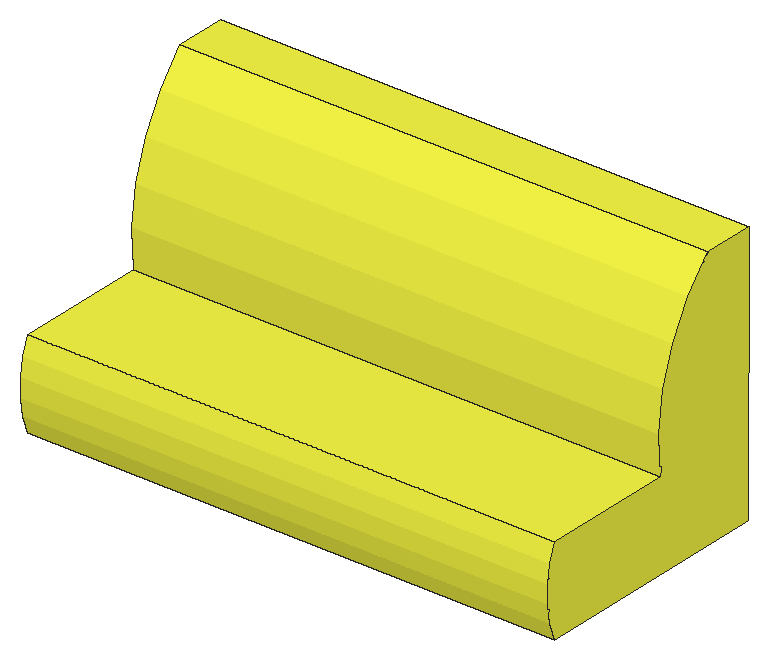
Revit family
Reference planes (in)
  plane 1 "Center F/B": y = 0
  plane 2: z = 0
  plane 3 "Center L/R": x = 0
Forms (in)
  Extrusion 1, solid, material "Yellow Couch"
    sketch origin (0, 0, 0) x (0, 1, 0) y (0, 0, 1)
      loop
        line (0.07389, 0) -> (0.07389, 18) -> (-3.42611, 18)
        arc (-3.42611, 18) -> (-6.84044, 12.47144) -> (-7.42611, 6) r 14.16071
        line (-7.42611, 6) -> (-16.42611, 6)
        arc (-16.42611, 6) -> (-17.10605, 3) -> (-16.42611, 0) r 6.95818
        line (-16.42611, 0) -> (0.07389, 0)
    from 0 to 36
